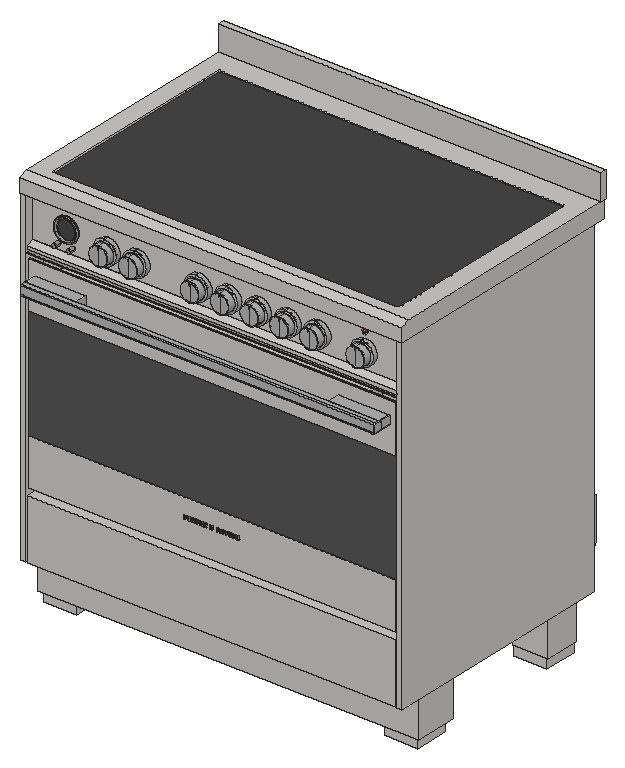
Revit family "FP_Revit_18_OR90SDI6X1_Range_90001044A", category Specialty Equipment, Revit 2018
Family settings
  Round Connector Dimension = Use Diameter
  Part Type = Normal
  OmniClass Number = 23.40.40.14.17.17
  OmniClass Title = Ranges
  Work Plane-Based = No
  Always vertical = Yes
  Cut with Voids When Loaded = Yes
  Shared = No
  Room Calculation Point = No
Parameters
  Visibility - Toe Kick Panel (Optional) = yes
  Visibility - Rear Trim (Supplied) = yes
  Visibility - Clearance Required = yes
  Visibility - Adjustable Feet Covers = yes
  URL = "www.fisherpaykel.com"
  Product - Width = 897 mm  # constant formula
  Product - Height = 915 mm  # constant formula
  Product - Depth = 641.2 mm  # constant formula
  Optional - Toe Kick Panel = "KICKOR90X1"
  Model = "OR90SDI6X1"
  Material - Trim = Fisher & Paykel - Steel, Chrome Plated
  Material - Handle = Fisher & Paykel - Aluminium
  Material - Door Front = Fisher & Paykel - Stainless Steel
  Material - Cooktop = Fisher & Paykel - Black
  Material - Buttons and Dials = Fisher & Paykel - Aluminium
  Material - Body = Fisher & Paykel - Stainless Steel
  Manufacturer = "Fisher & Paykel Appliances"
  Keynote = ""
  Description = "90cm Contemporary Freestanding Range (Stainless)"
  Countertop Height (min 908mm - max 933mm) = 915 mm
  Connector Description - Electrical = "220-240 V, 50 Hz, 67.6 A"
  Clearance - Side Non-Combustible = 0 mm  # constant formula
  Clearance - Side Combustible = 50 mm  # constant formula
  Clearance - Rear Non-Combustible = 0 mm  # constant formula
  Clearance - Rear Combustible = 0 mm  # constant formula
  Clearance - Overhead Rangehood = 650 mm  # constant formula
  Clearance - Overhead Non-Combustible = 450 mm  # constant formula
  Clearance - Overhead Combustible = 650 mm  # constant formula
  Chassis - Width = 897 mm  # constant formula
  Chassis - Height = 813.6 mm  # constant formula
  Chassis - Depth = 593.5 mm  # constant formula
  Cavity - Width = 900 mm  # constant formula
  Cavity - Height = 915 mm  # constant formula
  Cavity - Depth = 600 mm  # constant formula
Reference planes
  plane 1 "Datum": y = 0
  plane 2: z = 0
  plane 3 "Center (Left/Right)": x = 0
  plane 4 "Product Height": z = 923
  plane 5 "Product LHS": x = -448.5
  plane 6 "Product RHS": x = 448.5
  plane 7 "Cavity LHS": x = -450
  plane 8 "Cavity RHS": x = 450
  plane 9 "Product Depth": y = 600
  plane 10 "Cavity Depth": y = 600
  plane 11 "Dials": z = 820.4
  plane 12 "Countertop Height": z = 915
  plane 13 "Top of Burners": z = 957
Forms (mm)
  Extrusion 1, solid, material "Fisher & Paykel - Stainless Steel" <- "Material - Body"
    sketch origin (0, 0, 0) x (0, 1, 0) y (0, 0, 1)
      loop
        line (50.7, 883) -> (50.7, 109.4) -> (565, 109.4) -> (565, 883) -> (50.7, 883)
    from -435.7 to 435.7
  Extrusion 2, solid, material "Fisher & Paykel - Stainless Steel" <- "Material - Body"
    sketch origin (0, 0, 0) x (0, 1, 0) y (0, 0, 1)
      loop
        line (19, 883) -> (19, 782.4) -> (50.7, 782.4) -> (50.7, 883) -> (19, 883)
    from -435.7 to 435.7
  Extrusion 3, solid, material "Fisher & Paykel - Stainless Steel" <- "Material - Body"
    sketch origin (0, 0, 0) x (0, 1, 0) y (0, 0, 1)
      loop
        line (31.59, 250.4) -> (1.5, 250.4) -> (1.5, 109.4) -> (31.59, 109.4) -> (31.59, 250.4)
    from -432 to 432
  Extrusion 4, solid, material "Fisher & Paykel - Clearance Required", visible <- "Visibility - Clearance Required", detail levels coarse
    sketch origin (0, 0, 0) x (0, 1, 0) y (0, 0, 1)
      loop
        line (0, 266.1) -> (0, 747.098)
        arc (0, 747.098) -> (-340.117, 606.217) -> (-480.998, 266.1) r 480.998
        line (-480.998, 266.1) -> (0, 266.1)
    from -435.7 to 435.7
  Extrusion 5, solid, material "Fisher & Paykel - Clearance Required", visible <- "Visibility - Clearance Required", detail levels coarse
    sketch origin (0, 0, 0) x (0, 1, 0) y (0, 0, 1)
      loop
        line (600, 0) -> (600, 923) -> (0, 923) -> (0, 0) -> (600, 0)
    from -450 to 450
  Extrusion 6, solid, material "Fisher & Paykel - Clearance Required (Combustible)", visible <- "Visibility - Clearance Required", detail levels coarse
    sketch origin (0, 0, 0) x (1, 0, 0) y (0, 1, 0)
      loop
        line (-450, 0) -> (-450, 600) -> (-500, 600) -> (-500, 0) -> (-450, 0)
      loop
        line (450, 0) -> (500, 0) -> (500, 600) -> (450, 600) -> (450, 0)
    from 923 to 1407
  Extrusion 7, solid, material "Fisher & Paykel - Clearance Required (Combustible)", visible <- "Visibility - Clearance Required", detail levels coarse
    sketch origin (0, 0, 0) x (1, 0, 0) y (0, 1, 0)
      loop
        line (-450, 0) -> (450, 0) -> (450, 600) -> (-450, 600) -> (-450, 0)
    from 1607 to 1407
  Extrusion 8, solid, material "Fisher & Paykel - Clearance Required (Non-Combustible)", visible <- "Visibility - Clearance Required", detail levels coarse
    sketch origin (0, 0, 0) x (1, 0, 0) y (0, 1, 0)
      loop
        line (450, 600) -> (-450, 600) -> (-450, 0) -> (450, 0) -> (450, 600)
    from 923 to 1407
  Extrusion 9, solid, material "Fisher & Paykel - Stainless Steel" <- "Material - Body"
    sketch origin (0, 0, 0) x (0, 1, 0) y (0, 0, 1)
      loop
        line (0, 883) -> (0, 109.4) -> (565, 109.4) -> (565, 883) -> (0, 883)
    from 435.7 to 447.5
  Extrusion 10, solid, material "Fisher & Paykel - Stainless Steel" <- "Material - Body"
    sketch origin (0, 0, 0) x (0, 1, 0) y (0, 0, 1)
      loop
        line (0, 883) -> (0, 109.4) -> (565, 109.4) -> (565, 883) -> (0, 883)
    from -447.504 to -435.7
  Extrusion 11, solid, material "Fisher & Paykel - Stainless Steel" <- "Material - Body"
    sketch origin (0, 0, 0) x (0, 1, 0) y (0, 0, 1)
      loop
        line (50.7, 782.4) -> (19, 782.4) -> (2, 774.4) -> (2, 767.4) -> (50.7, 767.4) -> (50.7, 782.4)
    from -435.7 to 435.7
  Extrusion 12, solid, material "Fisher & Paykel - Steel, Chrome Plated" <- "Material - Trim", detail levels fine
    sketch origin (0, 0, 0) x (0, 1, 0) y (0, 0, 1)
      loop
        line (1.349, 762.4) -> (1.349, 760.4) -> (50.7, 760.4) -> (50.7, 762.4) -> (1.349, 762.4)
    from -435.7 to 435.7
  Extrusion 13, solid, material "Fisher & Paykel - Stainless Steel" <- "Material - Body"
    sketch origin (0, 0, 0) x (0, 1, 0) y (0, 0, 1)
      loop
        line (-1.5, 914.915) -> (-1.5, 883) -> (593.5, 883) -> (593.5, 923) -> (18.511, 923) -> (-1.5, 914.915)
    from -448.5 to 448.5
  Extrusion 14, solid, material "Fisher & Paykel - Stainless Steel" <- "Material - Body", visible <- "Visibility - Adjustable Feet Covers"
    sketch origin (0, 0, 0) x (1, 0, 0) y (0, 1, 0)
      loop
        line (-360.4, 137.7) -> (-442.5, 137.7) -> (-442.5, 55.7) -> (-360.4, 55.7) -> (-360.4, 137.7)
      loop
        line (-360.4, 516.7) -> (-442.482, 516.7) -> (-442.482, 434.7) -> (-360.4, 434.7) -> (-360.4, 516.7)
      loop
        line (360.4, 137.7) -> (360.4, 55.7) -> (442.5, 55.7) -> (442.5, 137.7) -> (360.4, 137.7)
      loop
        line (360.4, 516.7) -> (360.4, 434.7) -> (442.482, 434.7) -> (442.482, 516.7) -> (360.4, 516.7)
    from 23.7 to 109.4
  Extrusion 15, solid, material "Fisher & Paykel - Stainless Steel" <- "Material - Body", visible <- "Visibility - Adjustable Feet Covers"
    sketch origin (0, 0, 0) x (1, 0, 0) y (0, 1, 0)
      loop
        line (-362.4, 514.7) -> (-440.5, 514.7) -> (-440.5, 436.7) -> (-362.4, 436.7) -> (-362.4, 514.7)
      loop
        line (-362.4, 135.7) -> (-440.5, 135.7) -> (-440.5, 57.7) -> (-362.4, 57.7) -> (-362.4, 135.7)
      loop
        line (362.4, 514.7) -> (362.4, 436.7) -> (440.5, 436.7) -> (440.5, 514.7) -> (362.4, 514.7)
      loop
        line (362.4, 135.7) -> (362.4, 57.7) -> (440.5, 57.7) -> (440.5, 135.7) -> (362.4, 135.7)
    from 0 to 23.7
  Extrusion 16, solid, material "Fisher & Paykel - Stainless Steel" <- "Material - Body", visible <- "Visibility - Toe Kick Panel (Optional)"
    sketch origin (0, 0, 0) x (1, 0, 0) y (0, 1, 0)
      loop
        line (-442.5, 151.534) -> (-447.504, 151.534) -> (-447.504, 50.7) -> (447.35, 50.7) -> (447.35, 151.534) -> (442.5, 151.534) -> (442.5, 55.7) -> (-442.5, 55.7) -> (-442.5, 151.534)
    from 23.7 to 109.4
  Extrusion 17, solid, material "Fisher & Paykel - Stainless Steel" <- "Material - Door Front"
    sketch origin (0, 0, 0) x (0, 1, 0) y (0, 0, 1)
      loop
        line (7.845, 745.371) -> (7.845, 273.1) -> (43.8, 273.1) -> (43.8, 741.592) -> (7.845, 745.371)
    from -365 to 365
  Extrusion 18, void
    sketch origin (0, 0, 0) x (1, 0, 0) y (0, 1, 0)
      loop
        arc (-402, 531.72) -> (-405.536, 530.256) -> (-407, 526.72) r 5
        line (-407, 526.72) -> (-407, 46.2)
        arc (-407, 46.2) -> (-405.536, 42.664) -> (-402, 41.2) r 5
        line (-402, 41.2) -> (402, 41.2)
        arc (402, 41.2) -> (405.536, 42.664) -> (407, 46.2) r 5
        line (407, 46.2) -> (407, 526.72)
        arc (407, 526.72) -> (405.536, 530.256) -> (402, 531.72) r 5
        line (402, 531.72) -> (-402, 531.72)
    from 883 to 923
  Extrusion 19, solid, material "Fisher & Paykel - Stainless Steel" <- "Material - Body", not visible
    sketch origin (0, 0, 0) x (0, 1, 0) y (0, 0, 1)
      loop
        line (584, 983) -> (584, 923) -> (598.5, 923) -> (598.5, 983) -> (584, 983)
    from -448.5 to 448.5
  Extrusion 20, void
    sketch origin (0, 0, 0) x (1, 0, 0) y (0, 0, 1)
      loop
        line (351.8, 237) -> (-428.7, 237) -> (-428.7, 109.4) -> (428.7, 109.4) -> (428.7, 883) -> (351.8, 883) -> (351.8, 237)
    from -609.888 to -519.5
  Extrusion 21, solid, material "Fisher & Paykel - Stainless Steel" <- "Material - Body", detail levels medium+fine
    sketch origin (0, 0, 0) x (1, 0, 0) y (0, 1, 0)
      loop
        circle (-370, 550.5) r 6
    from 137 to 237
  Extrusion 22, solid, material "Fisher & Paykel - Stainless Steel"
    sketch origin (0, 0, 0) x (1, 0, 0) y (0, 0, 1)
      loop
        circle (-420.064, 912.06) r 4.009
      loop
        circle (-420.064, 912.06) r 7.491
      loop
        circle (420.064, 912.06) r 4.009
      loop
        circle (420.064, 912.06) r 7.491
    from -593.5 to -598.5
  Extrusion 23, solid, material "Fisher & Paykel - Stainless Steel" <- "Material - Body"
    sketch origin (0, 0, 0) x (1, 0, 0) y (0, 0, 1)
      loop
        line (-308.2, 367) -> (-428.7, 367) -> (-428.7, 237) -> (-308.2, 237) -> (-308.2, 367)
    from -587.5 to -565
  Extrusion 24, solid, material "Fisher & Paykel - Stainless Steel" <- "Material - Body"
    sketch origin (0, 0, 1000) x (1, 0, 0) y (0, 0, 1)
      loop
        line (227.779, -394.6) -> (-310.779, -394.6)
        arc (-310.779, -394.6) -> (-380.07, -440.899) -> (-363.812, -522.633) r 75
        line (-363.812, -522.633) -> (-237.954, -648.491)
        arc (-237.954, -648.491) -> (-220.111, -660.413) -> (-199.064, -664.6) r 55
        line (-199.064, -664.6) -> (116.064, -664.6)
        arc (116.064, -664.6) -> (137.111, -660.413) -> (154.954, -648.491) r 55
        line (154.954, -648.491) -> (280.812, -522.633)
        arc (280.812, -522.633) -> (297.07, -440.899) -> (227.779, -394.6) r 75
    from -578.5 to -565
  Extrusion 25, solid, material "Fisher & Paykel - Stainless Steel" <- "Material - Body"
    sketch origin (0, 0, 0) x (1, 0, 0) y (0, 1, 0)
      loop
        circle (-401.482, 475.7) r 25
      loop
        circle (-401.5, 96.7) r 25
      loop
        circle (401.482, 475.7) r 25
      loop
        circle (401.5, 96.7) r 25
    from 0 to 109.4
  Revolve 26, void
    sketch origin (347, 0, 0) x (0, 1, 0) y (0, 0, 1)
      loop
        line (20.94, 867.737) -> (19, 869.677) -> (19, 862.456) -> (25.94, 862.456) -> (25.94, 867.737) -> (20.94, 867.737)
      axis (25.94, 862.456) -> (19, 862.456)
    angle from 0 to 360
  Extrusion 27, solid, material "Fisher & Paykel - Bezel Red", detail levels medium+fine
    sketch origin (0, 0, 0) x (1, 0, 0) y (0, 0, 1)
      loop
        circle (347, 862.456) r 5.281
    from -25.94 to -20.94
  Extrusion 28, solid, material "Fisher & Paykel - Stainless Steel" <- "Material - Door Front"
    sketch origin (0, 0, 0) x (0, 1, 0) y (0, 0, 1)
      loop
        line (2.8, 265.5) -> (3.8, 265.5) -> (3.8, 376.471) -> (2.8, 376.471) -> (2.8, 265.5)
      loop
        line (2.8, 637.7) -> (3.8, 637.7) -> (3.8, 747.7) -> (2.8, 747.7) -> (2.8, 637.7)
    from -432 to 432
  Extrusion 29, solid, material "Fisher & Paykel - Stainless Steel" <- "Material - Body", visible <- "Visibility - Rear Trim (Supplied)"
    sketch origin (0, 0, 0) x (0, 1, 0) y (0, 0, 1)
      loop
        line (584, 983) -> (584, 923) -> (598.5, 923) -> (598.5, 983) -> (584, 983)
    from -448.5 to 448.5
  Extrusion 30, solid, material "Fisher & Paykel - Glass, Black"
    sketch origin (0, 0, 0) x (0, 1, 0) y (0, 0, 1)
      loop
        line (3.8, 747.7) -> (3.8, 265.5) -> (7.845, 265.5) -> (7.845, 747.7) -> (3.8, 747.7)
    from -432 to 432
  Extrusion 31, void
    sketch origin (0, 0, 0) x (0, 1, 0) y (0, 0, 1)
      loop
        line (600, 0) -> (600, 923) -> (-40, 923) -> (-40, 0) -> (600, 0)
    from -450 to 450
  Extrusion 32, solid, material "Fisher & Paykel - Black" <- "Material - Cooktop"
    sketch origin (0, 0, 0) x (1, 0, 0) y (0, 1, 0)
      loop
        arc (-402, 531.72) -> (-405.536, 530.256) -> (-407, 526.72) r 5
        line (-407, 526.72) -> (-407, 46.2)
        arc (-407, 46.2) -> (-405.536, 42.664) -> (-402, 41.2) r 5
        line (-402, 41.2) -> (402, 41.2)
        arc (402, 41.2) -> (405.536, 42.664) -> (407, 46.2) r 5
        line (407, 46.2) -> (407, 526.72)
        arc (407, 526.72) -> (405.536, 530.256) -> (402, 531.72) r 5
        line (402, 531.72) -> (-402, 531.72)
    from 883 to 920
Cuts and joins
  Extrusion 18, Extrusion 20 cuts Extrusion 1
  Extrusion 18, Revolve 26 cuts Extrusion 5
  Extrusion 18 cuts Extrusion 14
  Extrusion 18 cuts Extrusion 15
  Extrusion 18 cuts Extrusion 16
  Extrusion 18 cuts Extrusion 13
  Revolve 26 cuts Extrusion 2
Text (mm)
  text "Due to ongoing product development, product details are subject to change without notice. \nPlease always refer to www.fisherpaykel.com for the most current product information. \n© Fisher & Paykel 2020" at (41.04, -544.815, 0), in view "Ref. Level (Plan)"
Dimensions and locks
  equal spacing: plane 5 "Product LHS", plane 3 "Center (Left/Right)", plane 6 "Product RHS"
  "Product - Width": plane 5 "Product LHS" to plane 6 "Product RHS"
  equal spacing: plane 7 "Cavity LHS", plane 3 "Center (Left/Right)", plane 8 "Cavity RHS"
  "Cavity - Width": plane 7 "Cavity LHS" to plane 8 "Cavity RHS"
  locked: plane 4 "Product Height" to nested 1 at 592.51
  "Clearance - Side Combustible": Extrusion 6 sketch curve to Extrusion 5
  "Clearance - Side Combustible": Extrusion 5 to Extrusion 6 sketch curve
  Extrusion 6 to plane 4 "Product Height" = 484 mm
  Extrusion 7 to plane 4 "Product Height" = 484 mm
  Extrusion 8 to plane 4 "Product Height" = 484 mm
  "Clearance - Side Combustible": Extrusion 8 to Extrusion 6
  "Clearance - Side Combustible": Extrusion 6 to Extrusion 8
  locked: plane 4 "Product Height" to Extrusion 9 at 40
  plane 5 "Product LHS" to Extrusion 14 sketch curve = 88.1 mm
  locked: plane 4 "Product Height" to Extrusion 9 at 813.6  (x2)
  locked: Extrusion 6 to plane 11 "Dials" at 102.6
  locked: nested 9 to plane 11 "Dials" at 10.019
  plane 4 "Product Height" to Extrusion 12 = 160.6 mm
  locked: plane 4 "Product Height" to plane 11 "Dials" at 102.6
  locked: Extrusion 17 to plane 4 "Product Height" at 649.9
  cut or joined group of Extrusion 1, Extrusion 18, Extrusion 20 to plane 11 "Dials" = 711 mm
  cut or joined group of Extrusion 1, Extrusion 18, Extrusion 20 to cut or joined group of Extrusion 1, Extrusion 18, Extrusion 20 = 127.6 mm
  locked: cut or joined group of Extrusion 16, Extrusion 18 to Extrusion 9 at 85.7
  locked: cut or joined group of Extrusion 14, Extrusion 18 to Extrusion 9 at 85.7
  locked: cut or joined group of Extrusion 1, Extrusion 18, Extrusion 20 to Extrusion 9 at 127.6
  locked: plane 4 "Product Height" to Extrusion 11 at 155.6
  Extrusion 3 sketch curve to Extrusion 3 sketch curve = 141 mm
  locked: Extrusion 23 to plane 4 "Product Height" at 556
  locked: Extrusion 21 to cut or joined group of Extrusion 1, Extrusion 18, Extrusion 20 at 100
  locked: cut or joined group of Extrusion 14, Extrusion 18 to Extrusion 10 at 85.7
  locked: Extrusion 24 sketch curve to plane 4 "Product Height" at 317.6
  locked: cut or joined group of Extrusion 1, Extrusion 18, Extrusion 20 to plane 4 "Product Height" at 686
  locked: Extrusion 6 to cut or joined group of Extrusion 14, Extrusion 18 at 813.6
  locked: Extrusion 21 to Extrusion 9 at 127.6
  locked: plane 4 "Product Height" to Extrusion 4 at 656.9
  locked: plane 12 "Countertop Height" to plane 4 "Product Height" at 8
  "Countertop Height (min 908mm - max 933mm)": level to plane 12 "Countertop Height"
  locked: plane 4 "Product Height" to cut or joined group of Extrusion 5, Extrusion 18, Revolve 26 at 40
  locked: Extrusion 3 to plane 4 "Product Height" at 813.6
  locked: plane 4 "Product Height" to Extrusion 3 at 672.6
  locked: plane 4 "Product Height" to Extrusion 28 at 546.529
  locked: Extrusion 28 to plane 4 "Product Height" at 285.3
  locked: nested 10 to plane 11 "Dials" at 27.732
  locked: nested 8 to plane 11 "Dials" at 27.732
  locked: nested 7 to plane 11 "Dials" at 27.732
  locked: nested 6 to plane 11 "Dials" at 27.732
  locked: nested 5 to plane 11 "Dials" at 27.732
  locked: nested 4 to plane 11 "Dials" at 27.732
  locked: nested 3 to plane 11 "Dials" at 27.732
  locked: nested 2 to plane 11 "Dials" at 27.732
  plane 4 "Product Height" to nested 11 = 204.337 mm
  locked: plane 13 "Top of Burners" to plane 4 "Product Height" at 34
  "Clearance - Overhead Non-Combustible": Extrusion 6 to plane 13 "Top of Burners"
  "Clearance - Overhead Combustible": Extrusion 7 to plane 13 "Top of Burners"
  locked: plane 4 "Product Height" to nested 12 at 740.6
  locked: plane 4 "Product Height" to nested 11 at 204.337
  locked: plane 4 "Product Height" to Extrusion 30 at 175.3
  locked: Extrusion 30 to plane 4 "Product Height" at 657.5
  "Product - Depth": nested 11 to plane 9 "Product Depth"
  "Cavity - Depth": plane 1 "Datum" to plane 10 "Cavity Depth"
  "Chassis - Depth": cut or joined group of Extrusion 13, Extrusion 18 to Extrusion 6
  locked: plane 4 "Product Height" to Extrusion 32 at 3
  aligned and locked: level to plane 2
  aligned and locked: Extrusion 5 sketch curve to plane 4 "Product Height"
  aligned and locked: Extrusion 5 to plane 8 "Cavity RHS"
  aligned and locked: Extrusion 5 to plane 7 "Cavity LHS"
  aligned and locked: Extrusion 6 sketch curve to plane 8 "Cavity RHS"
  aligned and locked: Extrusion 6 sketch curve to plane 7 "Cavity LHS"
  aligned and locked: Extrusion 5 to Extrusion 7 sketch curve
  aligned and locked: Extrusion 8 sketch curve to Extrusion 5
  aligned and locked: Extrusion 5 to Extrusion 8 sketch curve
  aligned and locked: cut or joined group of Extrusion 1, Extrusion 18, Extrusion 20 to Extrusion 2  (x2)
  aligned and locked: Extrusion 9 sketch curve to plane 1 "Datum"
  aligned and locked: Extrusion 2 to Extrusion 11
  aligned and locked: Extrusion 2 to Extrusion 12
  aligned and locked: Extrusion 11 to Extrusion 2
  aligned and locked: Extrusion 12 to Extrusion 2
  aligned and locked: Extrusion 15 to level
  aligned and locked: Extrusion 15 to Extrusion 14
  aligned and locked: Extrusion 16 sketch curve to Extrusion 14
  aligned and locked: Extrusion 16 sketch curve to Extrusion 2
  aligned and locked: plane 4 "Product Height" to Extrusion 18
  aligned and locked: Extrusion 19 to plane 6 "Product RHS"
  aligned and locked: plane 5 "Product LHS" to Extrusion 19
  aligned and locked: Extrusion 16 to cut or joined group of Extrusion 14, Extrusion 18
  aligned and locked: plane 10 "Cavity Depth" to Extrusion 7
  aligned and locked: Extrusion 6 sketch curve to plane 10 "Cavity Depth"
  aligned and locked: Extrusion 13 to plane 5 "Product LHS"
  aligned and locked: Extrusion 13 to plane 6 "Product RHS"
  aligned and locked: Extrusion 10 to cut or joined group of Extrusion 1, Extrusion 18, Extrusion 20
  aligned and locked: Extrusion 25 to cut or joined group of Extrusion 1, Extrusion 18, Extrusion 20
  aligned and locked: Extrusion 8 to plane 4 "Product Height"
  aligned and locked: Extrusion 7 to Extrusion 8
  aligned and locked: Extrusion 16 to cut or joined group of Extrusion 1, Extrusion 18, Extrusion 20
  aligned and locked: Extrusion 29 to plane 6 "Product RHS"
  aligned and locked: Extrusion 1 to Extrusion 20
  aligned and locked: Extrusion 32 to cut or joined group of Extrusion 1, Extrusion 18, Extrusion 20
Automatic sketch dimensions
  Extrusion 1 sketch curve to plane 1 "Datum" = 50.7 mm
  plane 9 "Product Depth" to Extrusion 1 sketch curve = 35 mm
  level to Extrusion 1 sketch curve = 109.4 mm
  plane 12 "Countertop Height" to Extrusion 1 sketch curve = 32 mm
  Extrusion 2 sketch curve to plane 1 "Datum" = 19 mm
  Extrusion 2 sketch curve to Extrusion 2 sketch curve = 31.7 mm
  plane 11 "Dials" to Extrusion 2 sketch curve = 38 mm
  plane 12 "Countertop Height" to Extrusion 2 sketch curve = 32 mm
  Extrusion 3 sketch curve to plane 1 "Datum" = 1.5 mm
  Extrusion 3 sketch curve to Extrusion 3 sketch curve = 30.09 mm
  level to Extrusion 3 sketch curve = 109.4 mm
  Extrusion 4 sketch curve to plane 1 "Datum" = 0 mm
  Extrusion 4 sketch curve to Extrusion 4 sketch curve = 480.998 mm
  level to Extrusion 4 sketch curve = 266.1 mm
  Extrusion 5 sketch curve to level = 0 mm
  Extrusion 5 sketch curve to plane 1 "Datum" = 0 mm
  Extrusion 5 sketch curve to plane 9 "Product Depth" = 0 mm
  Extrusion 7 sketch curve to plane 8 "Cavity RHS" = 0 mm
  plane 1 "Datum" to Extrusion 7 sketch curve = 0 mm
  plane 9 "Product Depth" to Extrusion 7 sketch curve = 0 mm
  Extrusion 8 sketch curve to plane 7 "Cavity LHS" = 0 mm
  plane 1 "Datum" to Extrusion 8 sketch curve = 0 mm
  plane 9 "Product Depth" to Extrusion 9 sketch curve = 35 mm
  level to Extrusion 9 sketch curve = 109.4 mm
  plane 12 "Countertop Height" to Extrusion 9 sketch curve = 32 mm
  Extrusion 10 sketch curve to plane 1 "Datum" = 0 mm
  plane 9 "Product Depth" to Extrusion 10 sketch curve = 35 mm
  level to Extrusion 10 sketch curve = 109.4 mm
  plane 12 "Countertop Height" to Extrusion 10 sketch curve = 32 mm
  Extrusion 11 sketch curve to plane 1 "Datum" = 2 mm
  Extrusion 11 sketch curve to Extrusion 11 sketch curve = 17 mm
  Extrusion 11 sketch curve to Extrusion 11 sketch curve = 31.7 mm
  plane 11 "Dials" to Extrusion 11 sketch curve = 53 mm
  Extrusion 11 sketch curve to Extrusion 11 sketch curve = 7 mm
  Extrusion 11 sketch curve to Extrusion 11 sketch curve = 15 mm
  Extrusion 12 sketch curve to plane 1 "Datum" = 1.349 mm
  Extrusion 12 sketch curve to Extrusion 12 sketch curve = 49.351 mm
  plane 11 "Dials" to Extrusion 12 sketch curve = 60 mm
  Extrusion 12 sketch curve to Extrusion 12 sketch curve = 2 mm
  Extrusion 13 sketch curve to plane 4 "Product Height" = 0 mm
  plane 1 "Datum" to Extrusion 13 sketch curve = 1.5 mm
  Extrusion 13 sketch curve to plane 1 "Datum" = 18.511 mm
  plane 9 "Product Depth" to Extrusion 13 sketch curve = 6.5 mm
  plane 12 "Countertop Height" to Extrusion 13 sketch curve = 0.085 mm
  plane 12 "Countertop Height" to Extrusion 13 sketch curve = 32 mm
  Extrusion 14 sketch curve to plane 5 "Product LHS" = 6.018 mm
  Extrusion 14 sketch curve to plane 5 "Product LHS" = 6 mm
  Extrusion 14 sketch curve to Extrusion 14 sketch curve = 82.081 mm
  plane 6 "Product RHS" to Extrusion 14 sketch curve = 88.1 mm  (x2)
  plane 6 "Product RHS" to Extrusion 14 sketch curve = 6.018 mm
  plane 6 "Product RHS" to Extrusion 14 sketch curve = 6 mm
  Extrusion 14 sketch curve to plane 1 "Datum" = 55.7 mm  (x2)
  Extrusion 14 sketch curve to Extrusion 14 sketch curve = 82 mm  (x4)
  plane 9 "Product Depth" to Extrusion 14 sketch curve = 165.3 mm  (x2)
  Extrusion 15 sketch curve to plane 5 "Product LHS" = 8 mm  (x2)
  Extrusion 15 sketch curve to Extrusion 15 sketch curve = 78.1 mm  (x2)
  plane 6 "Product RHS" to Extrusion 15 sketch curve = 86.1 mm  (x2)
  plane 6 "Product RHS" to Extrusion 15 sketch curve = 8 mm  (x2)
  Extrusion 15 sketch curve to plane 1 "Datum" = 57.7 mm  (x2)
  Extrusion 15 sketch curve to Extrusion 15 sketch curve = 78 mm  (x4)
  plane 9 "Product Depth" to Extrusion 15 sketch curve = 163.3 mm  (x2)
  Extrusion 16 sketch curve to plane 5 "Product LHS" = 0.996 mm
  Extrusion 16 sketch curve to Extrusion 16 sketch curve = 5.004 mm
  plane 6 "Product RHS" to Extrusion 16 sketch curve = 6 mm
  plane 6 "Product RHS" to Extrusion 16 sketch curve = 1.15 mm
  Extrusion 16 sketch curve to Extrusion 16 sketch curve = 95.834 mm  (x2)
  Extrusion 17 sketch curve to plane 1 "Datum" = 7.845 mm
  Extrusion 17 sketch curve to Extrusion 17 sketch curve = 35.955 mm
  level to Extrusion 17 sketch curve = 273.1 mm
  plane 11 "Dials" to Extrusion 17 sketch curve = 78.808 mm
  Extrusion 17 sketch curve to Extrusion 17 sketch curve = 3.779 mm
  Extrusion 19 sketch curve to plane 4 "Product Height" = 0 mm
  plane 9 "Product Depth" to Extrusion 19 sketch curve = 16 mm
  plane 9 "Product Depth" to Extrusion 19 sketch curve = 1.5 mm
  plane 13 "Top of Burners" to Extrusion 19 sketch curve = 26 mm
  Extrusion 20 sketch curve to plane 5 "Product LHS" = 19.8 mm
  plane 6 "Product RHS" to Extrusion 20 sketch curve = 96.7 mm
  plane 6 "Product RHS" to Extrusion 20 sketch curve = 19.8 mm
  level to Extrusion 20 sketch curve = 109.4 mm
  Extrusion 20 sketch curve to Extrusion 20 sketch curve = 127.6 mm
  plane 12 "Countertop Height" to Extrusion 20 sketch curve = 32 mm
  Extrusion 21 sketch curve to plane 5 "Product LHS" = 78.5 mm
  plane 9 "Product Depth" to Extrusion 21 sketch curve = 49.5 mm
  Extrusion 22 sketch curve to Extrusion 22 sketch curve = 0 mm  (x4)
  plane 12 "Countertop Height" to Extrusion 22 sketch curve = 2.94 mm  (x2)
  Extrusion 22 sketch curve to plane 5 "Product LHS" = 28.436 mm
  plane 6 "Product RHS" to Extrusion 22 sketch curve = 28.436 mm
  Extrusion 23 sketch curve to plane 5 "Product LHS" = 19.8 mm
  Extrusion 23 sketch curve to Extrusion 23 sketch curve = 120.5 mm
  level to Extrusion 23 sketch curve = 237 mm
  Extrusion 23 sketch curve to Extrusion 23 sketch curve = 130 mm
  Extrusion 24 sketch curve to plane 5 "Product LHS" = 84.688 mm
  Extrusion 24 sketch curve to plane 5 "Product LHS" = 137.721 mm
  Extrusion 24 sketch curve to Extrusion 24 sketch curve = 125.858 mm
  Extrusion 24 sketch curve to Extrusion 24 sketch curve = 38.891 mm  (x3)
  plane 3 "Center (Left/Right)" to Extrusion 24 sketch curve = 116.064 mm
  Extrusion 24 sketch curve to Extrusion 24 sketch curve = 111.716 mm
  Extrusion 24 sketch curve to Extrusion 24 sketch curve = 53.033 mm
  Extrusion 24 sketch curve to Extrusion 24 sketch curve = 75 mm  (x2)
  Extrusion 24 sketch curve to Extrusion 24 sketch curve = 140 mm  (x2)
  Extrusion 25 sketch curve to plane 5 "Product LHS" = 47 mm
  Extrusion 25 sketch curve to plane 5 "Product LHS" = 47.018 mm
  plane 6 "Product RHS" to Extrusion 25 sketch curve = 47.018 mm
  plane 6 "Product RHS" to Extrusion 25 sketch curve = 47 mm
  Extrusion 25 sketch curve to plane 1 "Datum" = 96.7 mm  (x2)
  plane 9 "Product Depth" to Extrusion 25 sketch curve = 124.3 mm  (x2)
  Revolve 26 sketch curve to plane 1 "Datum" = 19 mm
  Revolve 26 sketch curve to Revolve 26 sketch curve = 1.94 mm  (x2)
  Revolve 26 sketch curve to Revolve 26 sketch curve = 5 mm
  Revolve 26 sketch curve to plane 11 "Dials" = 42.056 mm
  Revolve 26 sketch curve to Revolve 26 sketch curve = 5.281 mm
  Revolve 26 sketch curve to Revolve 26 sketch curve = 3.206 mm
  Revolve 26 sketch curve to Revolve 26 sketch curve = 0 mm  (x2)
  Extrusion 27 sketch curve to plane 11 "Dials" = 42.056 mm
  plane 6 "Product RHS" to Extrusion 27 sketch curve = 101.5 mm
  Extrusion 28 sketch curve to plane 1 "Datum" = 2.8 mm  (x2)
  Extrusion 28 sketch curve to Extrusion 28 sketch curve = 1 mm  (x2)
  level to Extrusion 28 sketch curve = 265.5 mm
  Extrusion 28 sketch curve to Extrusion 28 sketch curve = 110.971 mm
  plane 11 "Dials" to Extrusion 28 sketch curve = 182.7 mm
  plane 11 "Dials" to Extrusion 28 sketch curve = 72.7 mm
  Extrusion 29 sketch curve to plane 4 "Product Height" = 0 mm
  plane 9 "Product Depth" to Extrusion 29 sketch curve = 16 mm
  plane 9 "Product Depth" to Extrusion 29 sketch curve = 1.5 mm
  plane 13 "Top of Burners" to Extrusion 29 sketch curve = 26 mm
  Extrusion 30 sketch curve to plane 1 "Datum" = 3.8 mm
  Extrusion 30 sketch curve to Extrusion 30 sketch curve = 4.045 mm
  level to Extrusion 30 sketch curve = 265.5 mm
  plane 11 "Dials" to Extrusion 30 sketch curve = 72.7 mm
  Extrusion 31 sketch curve to level = 0 mm
  plane 1 "Datum" to Extrusion 31 sketch curve = 40 mm
  Extrusion 31 sketch curve to plane 4 "Product Height" = 0 mm
  Extrusion 31 sketch curve to plane 9 "Product Depth" = 0 mm
  Extrusion 18 sketch curve to plane 5 "Product LHS" = 41.5 mm
  Extrusion 18 sketch curve to Extrusion 18 sketch curve = 5 mm  (x2)
  plane 3 "Center (Left/Right)" to Extrusion 18 sketch curve = 402 mm
  plane 6 "Product RHS" to Extrusion 18 sketch curve = 46.5 mm
  plane 6 "Product RHS" to Extrusion 18 sketch curve = 41.5 mm
  Extrusion 18 sketch curve to plane 1 "Datum" = 41.2 mm
  plane 9 "Product Depth" to Extrusion 18 sketch curve = 73.28 mm
  Extrusion 32 sketch curve to plane 5 "Product LHS" = 41.5 mm
  Extrusion 32 sketch curve to Extrusion 32 sketch curve = 5 mm  (x3)
  plane 6 "Product RHS" to Extrusion 32 sketch curve = 46.5 mm  (x2)
  Extrusion 32 sketch curve to plane 1 "Datum" = 41.2 mm
  plane 9 "Product Depth" to Extrusion 32 sketch curve = 73.28 mm
  plane 1 "Datum" to Extrusion 6 sketch curve = 0 mm  (x2)
  plane 9 "Product Depth" to Extrusion 6 sketch curve = 0 mm
  radius of Extrusion 21 sketch curve = 6 mm
  radius of Extrusion 22 sketch curve = 4.009 mm  (x2)
  radius of Extrusion 22 sketch curve = 7.491 mm  (x2)
  radius of Extrusion 25 sketch curve = 25 mm  (x4)
  radius of Extrusion 27 sketch curve = 5.281 mm
Nested families
  nested 1: "F&P Logo 130mm" at (0, 2.8, 330.49), type "F&P Logo 130mm"
  nested 2: "F&P Dial Range Contemporary" at (347, 19, 820.4), type "F&P Dial Range Contemporary"
  nested 3: "F&P Dial Range Contemporary" at (237.986, 19, 820.4), type "F&P Dial Range Contemporary"
  nested 4: "F&P Dial Range Contemporary" at (167.986, 19, 820.4), type "F&P Dial Range Contemporary"
  nested 5: "F&P Dial Range Contemporary" at (97.985, 19, 820.4), type "F&P Dial Range Contemporary"
  nested 6: "F&P Dial Range Contemporary" at (27.986, 19, 820.4), type "F&P Dial Range Contemporary"
  nested 7: "F&P Dial Range Contemporary" at (-42.015, 19, 820.4), type "F&P Dial Range Contemporary"
  nested 8: "F&P Dial Range Contemporary" at (-187.015, 19, 820.4), type "F&P Dial Range Contemporary"
  nested 9: "F&P Clock TFT Range" at (-354.2, 19, 830.419), type "F&P Clock TFT Range"
  nested 10: "F&P Dial Range Contemporary" at (-257.015, 19, 820.4), type "F&P Dial Range Contemporary"
  nested 11: "F&P Handle Contemporary OR30-36" at (0, -1.7, 0), type "36""
  nested 12: "F&P Anti Tip OR90" at (-7, -39.5, 7.9), type "F&P Anti Tip OR90"
Connectors
  electrical at (-370, 550.5, 137), driven by "Connector Description - Electrical"
    settings: on Extrusion 21, index 1, voltage 230 V, apparent load 0 VA, apparent load phase1 0 VA, apparent load phase2 0 VA, apparent load phase3 0 VA, power factor 1, load classification "Other", number of poles 1, system type 30, power factor state 1, is connector primary yes, connector utility no, sub classification motor no, connector description "220-240 V, 50 Hz, 67.6 A"
Definition of nested family "F&P Logo 130mm"
  Parameters (values of type "F&P Logo 130mm")
    URL = "www.fisherpaykel.com"
    Material - Logo = none
    Manufacturer = "Fisher & Paykel Appliances"
  Reference planes
    plane 1 "Center (Front/Back)": y = 0
    plane 2: z = 0
    plane 3 "Center (Left/Right)": x = 0
  Forms (mm)
    Extrusion 1, solid, material <- "Material - Logo", detail levels fine
      sketch origin (0, 0, 0) x (1, 0, 0) y (0, 0, 1)
        loop
          line (-64.995, 0) -> (-62.949, 0) -> (-62.949, 2.779) -> (-59.752, 2.779) -> (-59.752, 4.514) -> (-62.949, 4.514) -> (-62.949, 6.125) -> (-59.47, 6.125) -> (-59.47, 7.852) -> (-64.995, 7.852) -> (-64.995, 0)
        loop
          line (-55.583, 7.852) -> (-55.583, 0) -> (-53.537, 0) -> (-53.537, 7.852) -> (-55.583, 7.852)
        loop
          line (-39.879, 7.852) -> (-39.879, 0) -> (-37.834, 0) -> (-37.834, 3.146) -> (-34.828, 3.146) -> (-34.828, 0) -> (-32.782, 0) -> (-32.782, 7.852) -> (-34.828, 7.852) -> (-34.828, 4.872) -> (-37.834, 4.872) -> (-37.834, 7.852) -> (-39.879, 7.852)
        loop
          line (-28.416, 7.852) -> (-28.416, 0) -> (-22.821, 0) -> (-22.821, 1.727) -> (-26.388, 1.727) -> (-26.388, 3.146) -> (-23.128, 3.146) -> (-23.128, 4.872) -> (-26.388, 4.872) -> (-26.388, 6.125) -> (-22.821, 6.125) -> (-22.821, 7.852) -> (-28.416, 7.852)
        loop
          line (59.429, 7.852) -> (59.429, 0) -> (65.005, 0) -> (65.005, 1.727) -> (61.476, 1.727) -> (61.476, 7.852) -> (59.429, 7.852)
        loop
          line (55.223, 7.852) -> (49.609, 7.852) -> (49.609, 0) -> (55.223, 0) -> (55.223, 1.727) -> (51.655, 1.727) -> (51.655, 3.146) -> (54.916, 3.146) -> (54.916, 4.872) -> (51.655, 4.872) -> (51.655, 6.125) -> (55.223, 6.125) -> (55.223, 7.852)
        loop
          line (43.548, 4.092) -> (46.45, 7.852) -> (44.059, 7.852) -> (41.552, 4.604) -> (41.552, 7.852) -> (39.507, 7.852) -> (39.507, 0) -> (41.552, 0) -> (41.552, 3.517) -> (44.136, 0) -> (46.554, 0) -> (43.548, 4.092)
        loop
          line (28.637, 7.852) -> (31.604, 3.146) -> (31.604, 0) -> (33.65, 0) -> (33.65, 3.043) -> (36.617, 7.852) -> (34.443, 7.852) -> (32.692, 4.819) -> (30.941, 7.852) -> (28.637, 7.852)
        loop
          line (24.085, 7.852) -> (22.141, 7.852) -> (18.943, 0) -> (20.952, 0) -> (21.514, 1.445) -> (24.66, 1.445) -> (25.223, 0) -> (27.282, 0) -> (24.085, 7.852)
        loop
          line (23.982, 3.171) -> (23.064, 5.426) -> (22.186, 3.171) -> (23.982, 3.171)
        loop
          line (10.503, 7.852) -> (10.503, 0) -> (12.55, 0) -> (12.55, 2.519) -> (13.842, 2.519)
          arc (13.842, 2.519) -> (16.508, 5.186) -> (13.842, 7.852) r 2.666
          line (13.842, 7.852) -> (10.503, 7.852)
        loop
          line (12.55, 6.125) -> (12.55, 4.156) -> (13.714, 4.156)
          arc (13.714, 4.156) -> (14.699, 5.141) -> (13.714, 6.125) r 0.985
          line (13.714, 6.125) -> (12.55, 6.125)
        loop
          line (-15.255, 7.852) -> (-18.614, 7.852) -> (-18.614, 0) -> (-16.568, 0) -> (-16.568, 2.052) -> (-15.768, 2.052) -> (-14.202, 0) -> (-11.836, 0) -> (-13.84, 2.565)
          arc (-13.84, 2.565) -> (-12.519, 5.752) -> (-15.255, 7.852) r 2.833
        loop
          line (-15.404, 6.125) -> (-16.568, 6.125) -> (-16.568, 3.969) -> (-15.404, 3.969)
          arc (-15.404, 3.969) -> (-14.326, 5.047) -> (-15.404, 6.125) r 1.078
        loop
          line (0.683, 6.125) -> (0.683, 7.999) -> (-4.586, 7.999) -> (-4.586, 6.306) -> (-3.804, 5.345)
          arc (-3.804, 5.345) -> (-4.501, 0.889) -> (0.004, 0.665) r 3.034
          line (0.004, 0.665) -> (0.546, 0) -> (2.867, 0) -> (1.181, 2.072) -> (2.704, 4.268) -> (0.602, 4.268) -> (0.046, 3.467) -> (-2.117, 6.125) -> (0.683, 6.125)
        loop
          arc (-2.7, 3.989) -> (-2.887, 2.168) -> (-1.066, 1.981) r 1.294
          line (-1.066, 1.981) -> (-2.7, 3.989)
        loop
          line (-45.672, 4.724) -> (-47.408, 5.084)
          arc (-47.408, 5.084) -> (-48.101, 5.776) -> (-47.408, 6.469) r 0.693
          arc (-47.408, 6.469) -> (-45.742, 6.227) -> (-44.214, 5.522) r 5.856
          line (-44.214, 5.522) -> (-44.214, 7.466)
          arc (-44.214, 7.466) -> (-46.152, 8.033) -> (-48.168, 7.942) r 6.144
          arc (-48.168, 7.942) -> (-50.034, 5.635) -> (-48.168, 3.329) r 2.358
          line (-48.168, 3.329) -> (-46.418, 2.967)
          arc (-46.418, 2.967) -> (-45.725, 2.274) -> (-46.418, 1.581) r 0.693
          arc (-46.418, 1.581) -> (-48.083, 1.823) -> (-49.611, 2.528) r 5.856
          line (-49.611, 2.528) -> (-49.611, 0.584)
          arc (-49.611, 0.584) -> (-47.674, 0.017) -> (-45.658, 0.108) r 6.144
          arc (-45.658, 0.108) -> (-43.791, 2.422) -> (-45.672, 4.724) r 2.358
      from 0 to 0.8
  Dimensions and locks
    aligned and locked: level to plane 2
Definition of nested family "F&P Dial Range Contemporary"
  Parameters (values of type "F&P Dial Range Contemporary")
    URL = "www.fisherpaykel.com"
    Material - Buttons and Dials = none
    Manufacturer = "Fisher & Paykel Appliances"
  Reference planes
    plane 1 "Center (Front/Back)": y = 0
    plane 2: z = 0
    plane 3 "Center (Left/Right)": x = 0
  Forms (mm)
    Revolve 1, solid, material <- "Material - Buttons and Dials", detail levels fine
      sketch origin (0, 0, 0) x (0, 1, 0) y (0, 0, 1)
        loop
          line (0, 0) -> (0, 27.732) -> (-10.5, 27.732) -> (-13, 24.291) -> (-13, 22) -> (-29.2, 22) -> (-30, 21.2) -> (-30, 0) -> (0, 0)
        axis (0, 0) -> (-30, 0)
      angle from 0 to 360
    Revolve 2, solid, material <- "Material - Buttons and Dials", detail levels coarse+medium
      sketch origin (0, 0, 0) x (0, 1, 0) y (0, 0, 1)
        loop
          line (-30, 0) -> (0, 0) -> (0, 27.732) -> (-13, 27.732) -> (-13, 22) -> (-30, 22) -> (-30, 0)
        axis (0, 0) -> (-30, 0)
      angle from 0 to 360
    Extrusion 3, void
      sketch origin (0, 0, 0) x (1, 0, 0) y (0, 1, 0)
        loop
          line (-1, -6) -> (-1, -13) -> (1, -13) -> (1, -6)
          arc (1, -6) -> (0, -5) -> (-1, -6) r 1
      from 27 to 28
    Extrusion 4, void
      sketch origin (0, 0, 0) x (1, 0, 0) y (0, 0, 1)
        loop
          line (-1, 19) -> (-1, 16)
          arc (-1, 16) -> (0, 15) -> (1, 16) r 1
          line (1, 16) -> (1, 19)
          arc (1, 19) -> (0, 20) -> (-1, 19) r 1
      from 29.2 to 30
  Cuts and joins
    Extrusion 3, Extrusion 4 cuts Revolve 1
  Dimensions and locks
    aligned and locked: level to plane 2
Definition of nested family "F&P Clock TFT Range"
  Parameters (values of type "F&P Clock TFT Range")
    URL = "www.fisherpaykel.com"
    Material - Display Panel = none
    Material - Buttons and Dials = none
    Manufacturer = "Fisher & Paykel Appliances"
  Reference planes
    plane 1 "Center (Front/Back)": y = 0
    plane 2: z = 0
    plane 3 "Center (Left/Right)": x = 0
  Forms (mm)
    Revolve 1, solid, material <- "Material - Buttons and Dials", detail levels fine
      sketch origin (0, 0, 0) x (0, 1, 0) y (0, 0, 1)
        loop
          line (0, 21.7) -> (0, 28.597) -> (-1.4, 28.597) -> (-1.4, 27.601) -> (-5.698, 26.843) -> (-5.698, 25.224) -> (-2.5, 21.7) -> (0, 21.7)
        axis (0, 0) -> (-5.698, 0)
      angle from 0 to 360
    Extrusion 2, solid, material <- "Material - Display Panel"
      sketch origin (0, 0, 0) x (1, 0, 0) y (0, 0, 1)
        loop
          circle (0, 0) r 21.7
      from 0 to 1.4
    Extrusion 3, solid, material <- "Material - Buttons and Dials", detail levels fine
      sketch origin (0, 0, 0) x (1, 0, 0) y (0, 0, 1)
        loop
          circle (-17, -33.5) r 2.5
        loop
          circle (17, -33.5) r 2.5
      from 0 to 4.3
    Extrusion 4, solid, material <- "Material - Buttons and Dials"
      sketch origin (0, 0, 0) x (1, 0, 0) y (0, 0, 1)
        loop
          circle (-17, -33.5) r 4.601
        loop
          circle (17, -33.5) r 4.601
      from 4.3 to 16.3
    Extrusion 5, solid, material <- "Material - Buttons and Dials", detail levels coarse+medium
      sketch origin (0, 0, 0) x (1, 0, 0) y (0, 0, 1)
        loop
          circle (0, 0) r 21.7
        loop
          circle (0, 0) r 26.843
      from 0 to 5.698
  Dimensions and locks
    aligned and locked: level to plane 2
Definition of nested family "F&P Handle Contemporary OR30-36"
  Parameters (values of type "30"")
    URL = "www.fisherpaykel.com"
    Product - Width = 710 mm
    Model = ""
    Material - Handle = none
    Manufacturer = "Fisher & Paykel Appliances"
    Keynote = ""
    Description = ""
  Types (3, lengths in mm): name | Product - Width
    (no name) | 710
    36" | 834
    30" | 710
  Reference planes
    plane 1 "Center (Front/Back)": y = 0
    plane 2: z = 0
    plane 3 "Center (Left/Right)": x = 0
    plane 4 "Product LHS": x = -355
    plane 5 "Product RHS": x = 355
  Forms (mm)
    Extrusion 1, solid, material <- "Material - Handle", detail levels fine
      sketch origin (0, 0, 30.1) x (0, 1, 0) y (0, 0, 1)
        loop
          arc (-25.32, 688.263) -> (-20.3, 677.063) -> (-25.32, 665.863) r 15.003
          line (-25.32, 665.863) -> (4.5, 665.863) -> (4.5, 688.263) -> (-25.32, 688.263)
      from 355 to 235
    Extrusion 2, solid, material <- "Material - Handle", detail levels fine
      sketch origin (0, 0, 30.1) x (0, 1, 0) y (0, 0, 1)
        loop
          line (-25.869, 688.563) -> (-37.028, 688.563)
          arc (-37.028, 688.563) -> (-38.776, 687.838) -> (-39.5, 686.09) r 2.472
          line (-39.5, 686.09) -> (-39.5, 668.098)
          arc (-39.5, 668.098) -> (-38.758, 666.305) -> (-36.965, 665.563) r 2.535
          line (-36.965, 665.563) -> (-25.869, 665.563)
          arc (-25.869, 665.563) -> (-20.572, 677.063) -> (-25.869, 688.563) r 15.131
      from -355 to 355
    Extrusion 3, solid, material <- "Material - Handle", detail levels fine
      sketch origin (0, 0, 30.1) x (0, 1, 0) y (0, 0, 1)
        loop
          arc (-25.32, 688.263) -> (-20.3, 677.063) -> (-25.32, 665.863) r 15.003
          line (-25.32, 665.863) -> (4.5, 665.863) -> (4.5, 688.263) -> (-25.32, 688.263)
      from -235 to -355
    Sweep 4, void
      path in 3D
        loop
          line (355, -25.869, 718.663) -> (355, -37.028, 718.663)
          arc (355, -37.028, 718.663) -> (355, -38.776, 717.938) -> (355, -39.5, 716.19) r 2.472
          line (355, -39.5, 716.19) -> (355, -39.5, 698.198)
          arc (355, -39.5, 698.198) -> (355, -38.758, 696.405) -> (355, -36.965, 695.663) r 2.535
          line (355, -36.965, 695.663) -> (355, -25.869, 695.663)
      profile origin (355, -31.449, 718.663) x (1, 0, 0) y (0, 0, 1)
        loop
          line (0, 0) -> (-2, 0) -> (0, -2) -> (0, 0)
    Extrusion 5, void
      sketch origin (0, 0, 0) x (1, 0, 0) y (0, 0, 1)
        loop
          line (353, 718.663) -> (355, 716.663) -> (355, 718.663) -> (353, 718.663)
        loop
          line (353, 695.663) -> (355, 695.663) -> (355, 697.663) -> (353, 695.663)
      from -4.5 to 25.869
    Sweep 6, void
      path in 3D
        loop
          line (-355, -25.869, 695.663) -> (-355, -36.965, 695.663)
          arc (-355, -36.965, 695.663) -> (-355, -38.758, 696.405) -> (-355, -39.5, 698.198) r 2.535
          line (-355, -39.5, 698.198) -> (-355, -39.5, 716.19)
          arc (-355, -39.5, 716.19) -> (-355, -38.776, 717.938) -> (-355, -37.028, 718.663) r 2.472
          line (-355, -37.028, 718.663) -> (-355, -25.869, 718.663)
      profile origin (-355, -31.449, 718.663) x (-1, 0, 0) y (0, 0, 1)
        loop
          line (0, 0) -> (-2, 0) -> (0, -2) -> (0, 0)
    Extrusion 7, void
      sketch origin (0, 0, 0) x (1, 0, 0) y (0, 0, 1)
        loop
          line (-353, 718.663) -> (-355, 718.663) -> (-355, 716.663) -> (-353, 718.663)
        loop
          line (-355, 697.663) -> (-355, 695.663) -> (-353, 695.663) -> (-355, 697.663)
      from -4.5 to 25.869
    Extrusion 8, solid, material <- "Material - Handle", detail levels coarse+medium
      sketch origin (0, 0, 0) x (1, 0, 0) y (0, 1, 0)
        loop
          line (355, 4.5) -> (235, 4.5) -> (235, -20.3) -> (-235, -20.3) -> (-235, 4.5) -> (-355, 4.5) -> (-355, -39.5) -> (355, -39.5) -> (355, 4.5)
      from 695.663 to 718.663
  Cuts and joins
    Sweep 4, Extrusion 5, Sweep 6, Extrusion 7 cuts Extrusion 2
    Extrusion 5 cuts Extrusion 1
    Extrusion 7 cuts Extrusion 3
  Lines and regions (mm)
    sketch lines
      curve 1: line (355, -25.869, 718.663) -> (355, -37.028, 718.663)
      curve 2: arc (355, -39.5, 716.19) -> (355, -38.776, 717.938) -> (355, -37.028, 718.663) r 2.472
      curve 3: line (355, -39.5, 716.19) -> (355, -39.5, 698.198)
      curve 4: arc (355, -36.965, 695.663) -> (355, -38.758, 696.405) -> (355, -39.5, 698.198) r 2.535
      curve 5: line (355, -36.965, 695.663) -> (355, -25.869, 695.663)
      curve 6: line (-355, -37.028, 718.663) -> (-355, -25.869, 718.663)
      curve 7: arc (-355, -37.028, 718.663) -> (-355, -38.776, 717.938) -> (-355, -39.5, 716.19) r 2.472
      curve 8: line (-355, -39.5, 698.198) -> (-355, -39.5, 716.19)
      curve 9: arc (-355, -39.5, 698.198) -> (-355, -38.758, 696.405) -> (-355, -36.965, 695.663) r 2.535
      curve 10: line (-355, -25.869, 695.663) -> (-355, -36.965, 695.663)
  Text (mm)
    text "Disclaimer:\nWe endevour to maintian the accuracy of our 3D content.\nHowever, product details are subject to change without notice.\nPlease refer to the product Data Sheets for the most current product information." at (41.04, -653.741, 0), in view "Ref. Level (Plan)"
  Dimensions and locks
    equal spacing: plane 4 "Product LHS", plane 3 "Center (Left/Right)", plane 5 "Product RHS"
    "Product - Width": plane 4 "Product LHS" to plane 5 "Product RHS"
    plane 1 "Center (Front/Back)" to Extrusion 8 = 4.5 mm
    locked: plane 4 "Product LHS" to cut or joined group of Extrusion 3, Extrusion 7 at 120
    locked: cut or joined group of Extrusion 1, Extrusion 5 to plane 5 "Product RHS" at 120
    aligned and locked: level to plane 2
    aligned and locked: Extrusion 2 to Extrusion 1
    aligned and locked: plane 4 "Product LHS" to Extrusion 3
    aligned and locked: plane 4 "Product LHS" to Extrusion 2
    aligned and locked: Extrusion 1 to plane 5 "Product RHS"
    aligned and locked: Extrusion 2 to plane 5 "Product RHS"
    aligned and locked: Extrusion 8 sketch curve to cut or joined group of Extrusion 1, Extrusion 5
    aligned and locked: Extrusion 8 sketch curve to cut or joined group of Extrusion 3, Extrusion 7
  Automatic sketch dimensions
    plane 1 "Center (Front/Back)" to Extrusion 1 sketch curve = 35.303 mm
    Extrusion 1 sketch curve to Extrusion 1 sketch curve = 9.983 mm  (x2)
    Extrusion 1 sketch curve to plane 1 "Center (Front/Back)" = 4.5 mm
    Extrusion 1 sketch curve to Extrusion 1 sketch curve = 11.2 mm
    plane 1 "Center (Front/Back)" to Extrusion 2 sketch curve = 39.5 mm
    Extrusion 2 sketch curve to Extrusion 2 sketch curve = 2.472 mm
    Extrusion 2 sketch curve to Extrusion 2 sketch curve = 2.535 mm
    Extrusion 2 sketch curve to Extrusion 2 sketch curve = 1.262 mm
    Extrusion 2 sketch curve to Extrusion 2 sketch curve = 11.159 mm
    Extrusion 2 sketch curve to Extrusion 2 sketch curve = 11.096 mm
    Extrusion 2 sketch curve to Extrusion 2 sketch curve = 8.965 mm
    plane 1 "Center (Front/Back)" to Extrusion 3 sketch curve = 35.303 mm
    Extrusion 3 sketch curve to Extrusion 3 sketch curve = 9.983 mm  (x2)
    Extrusion 3 sketch curve to plane 1 "Center (Front/Back)" = 4.5 mm
    Extrusion 3 sketch curve to Extrusion 3 sketch curve = 11.2 mm
    level to Extrusion 1 sketch curve = 695.963 mm
    level to Extrusion 2 sketch curve = 695.663 mm
    level to Extrusion 3 sketch curve = 695.963 mm
    Sweep 4 sketch curve to profile plane = 0 mm
    profile plane to Sweep 4 sketch curve = 0 mm
    profile plane to Sweep 4 sketch curve = 2 mm
    Sweep 4 sketch curve to profile plane = 2 mm
    plane 5 "Product RHS" to Extrusion 5 sketch curve = 0 mm  (x2)
    Extrusion 5 sketch curve to Extrusion 5 sketch curve = 2 mm  (x4)
    level to Extrusion 5 sketch curve = 695.663 mm
    Extrusion 5 sketch curve to Extrusion 5 sketch curve = 19 mm
    Sweep 6 sketch curve to profile plane = 0 mm  (x2)
    profile plane to Sweep 6 sketch curve = 2 mm
    Sweep 6 sketch curve to profile plane = 2 mm
    plane 4 "Product LHS" to Extrusion 7 sketch curve = 0 mm  (x2)
    Extrusion 7 sketch curve to plane 4 "Product LHS" = 2 mm  (x2)
    level to Extrusion 7 sketch curve = 695.663 mm
    Extrusion 7 sketch curve to Extrusion 7 sketch curve = 21 mm
    Extrusion 7 sketch curve to Extrusion 7 sketch curve = 2 mm  (x2)
    Extrusion 8 sketch curve to plane 4 "Product LHS" = 0 mm
    Extrusion 8 sketch curve to plane 5 "Product RHS" = 0 mm
    plane 1 "Center (Front/Back)" to Extrusion 8 sketch curve = 20.3 mm
    plane 1 "Center (Front/Back)" to Extrusion 8 sketch curve = 39.5 mm
    Extrusion 8 sketch curve to plane 1 "Center (Front/Back)" = 4.5 mm  (x2)
Definition of nested family "F&P Anti Tip OR90"
  Parameters (values of type "F&P Anti Tip OR90")
    URL = "www.fisherpaykel.com"
    Material - Rollers and Feet = none
    Manufacturer = "Fisher & Paykel Appliances"
    Connector Description - Water = ""
    Connector Description - Electrical = ""
  Reference planes
    plane 1 "Center (Front/Back)": y = 0
    plane 2: z = 0
    plane 3 "Center (Left/Right)": x = 0
  Forms (mm)
    Extrusion 1, solid, material <- "Material - Rollers and Feet"
      sketch origin (0, 0, 0) x (0, 1, 0) y (0, 0, 1)
        loop
          line (639.5, 280.626) -> (630.5, 280.626) -> (630.5, 188.5)
          arc (630.5, 188.5) -> (629.036, 184.965) -> (625.5, 183.5) r 5
          line (625.5, 183.5) -> (464.549, 183.5) -> (464.549, 174.5) -> (632.5, 174.5)
          arc (632.5, 174.5) -> (637.45, 176.55) -> (639.5, 181.5) r 7
          line (639.5, 181.5) -> (639.5, 280.626)
      from 430 to 400
    Extrusion 2, void
      sketch origin (0, 0, 0) x (1, 0, 0) y (0, 0, 1)
        loop
          circle (415, 255.626) r 4
        loop
          circle (415, 205.626) r 4
      from -639.5 to -630.5
  Cuts and joins
    Extrusion 2 cuts Extrusion 1
  Dimensions and locks
    aligned and locked: level to plane 2
    aligned and locked: Extrusion 1 to Extrusion 2
